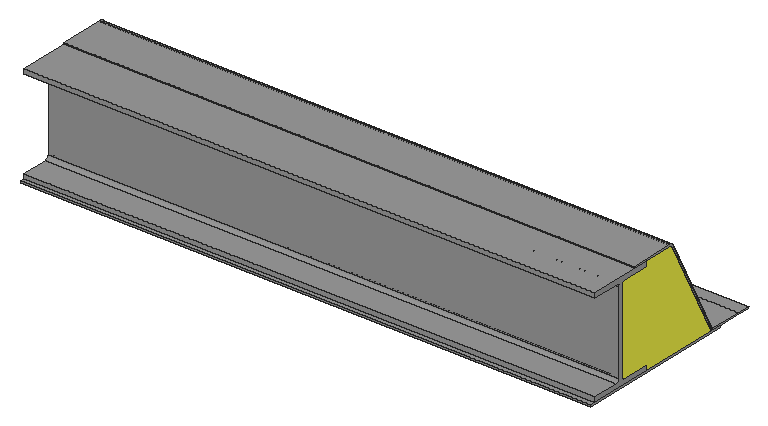
Revit family "XK 110 215 WIL", category Generic Models, Revit 2014
Parameters (values of type "Max lintel length 6600mm")
  URL = "http://www.keystonelintels.co.uk"
  Structural Opening [instance] = 900 mm
  Structural Performance = "The Keystone lintel range has safe working loads as detailed in each applicable loading table in the Keystone Lintel Guide brochure. The structural performance figures within each table have been ascertained by testing in accordance with the requirements of standards BS EN 5977-2: 1983 and BS EN 845-2: 2003."
  RIBA Productor Selector = "available for Keystone Lintels Ltd from Keystone Lintels Ltd from ribaproductselector.com"
  Model = "X/K 110 215 WIL"
  Min Length = 600 mm
  Min Clear Span = 300 mm
  Max Length = 6600 mm
  Max Clear Span = 6600 mm
  Material - Stainless Steel = "Grade 304 2b 1.4307 to BS EN 10088-2. Other grades available on request: contact manufacturer."
  Material - Galvanised Steel = "To BS EN 10346: 2009. DX51D plus Z600 or grade Z275 to BS 5977-2: 1983 (BS EN 845-2: 2003)."
  Manufacturer = "Keystone"
  Manufactured Length [instance] = (roundup(Effective Length / 150 mm) * 150 mm)  # 1200 mm
  Lintel height [instance] = 2100 mm
  Keynote = "F30/755"
  Fire Performance = "Keystone lintels have been subjected to a fire test (WARRES No. 101263) in accordance with BS 476-20: 1987, at Exova Warrington Fire and achieved a one hour fire performance."
  End Bearing = 150 mm
  Effective Length [instance] = Clear Opening with MIN MAX set + End Bearing * 2  # 1200 mm
  Corrosion = "Keystone’s standard range of lintels are manufactured from high quality grade pre-galvanized carbon steel with a zinc coating of 600"
  Contact Tel = "+44 (0)28 8676 2184"
  Contact Email = "info@keystonelintels.co.uk"
  Clear Opening with MIN MAX set [instance] = if(Structural Opening < Min Clear Span, Min Clear Span, (if(Structural Opening > Max Clear Span, Max Clear Span, Structural Opening)))  # 900 mm
  CPD Information = "Available for Keystone Lintels Ltd from ribacpd.com"
Reference planes
  plane 1 "Center (Front/Back)": y = 0
  plane 2: z = 0
  plane 3 "Center (Left/Right)": x = 0
  plane 4: x = -600
  plane 5: x = 600
  plane 6: z = 2100
  plane 7: x = -450
  plane 8: x = 450
Forms (mm)
  Extrusion 1, solid, material "Steel"
    sketch origin (0, 779.538, -506.841) x (0, 1, 0) y (0, 0, 1)
      loop
        line (-510.645, 2605.982) -> (-510.534, 2609.18) -> (-535.5, 2610.041) -> (-605.508, 2610.041)
        arc (-605.508, 2610.041) -> (-606.552, 2610.335) -> (-607.289, 2611.132) r 2
        line (-607.289, 2611.132) -> (-709.188, 2813.987)
        arc (-709.188, 2813.987) -> (-711.105, 2816.07) -> (-713.829, 2816.841) r 5.2
        line (-713.829, 2816.841) -> (-808.429, 2816.841) -> (-808.429, 2813.641) -> (-713.829, 2813.641)
        arc (-713.829, 2813.641) -> (-712.782, 2813.346) -> (-712.045, 2812.546) r 2
        line (-712.045, 2812.546) -> (-610.145, 2609.688)
        arc (-610.145, 2609.688) -> (-608.229, 2607.61) -> (-605.508, 2606.841) r 5.2
        line (-605.508, 2606.841) -> (-535.555, 2606.841) -> (-510.645, 2605.982)
    from -600 to 600
  Extrusion 2, solid, material "Steel"
    sketch origin (0, 779.538, -506.841) x (0, 1, 0) y (0, 0, 1)
      loop
        line (-913.438, 2813.641) -> (-913.438, 2804.041) -> (-857.288, 2804.041)
        arc (-857.288, 2804.041) -> (-851.914, 2801.815) -> (-849.688, 2796.441) r 7.6
        line (-849.688, 2796.441) -> (-849.688, 2624.041)
        arc (-849.688, 2624.041) -> (-851.914, 2618.667) -> (-857.288, 2616.441) r 7.6
        line (-857.288, 2616.441) -> (-913.438, 2616.441) -> (-913.438, 2606.841) -> (-779.538, 2606.841) -> (-779.538, 2616.441) -> (-835.688, 2616.441)
        arc (-835.688, 2616.441) -> (-841.062, 2618.667) -> (-843.288, 2624.041) r 7.6
        line (-843.288, 2624.041) -> (-843.288, 2796.441)
        arc (-843.288, 2796.441) -> (-841.062, 2801.815) -> (-835.688, 2804.041) r 7.6
        line (-835.688, 2804.041) -> (-779.538, 2804.041) -> (-779.538, 2813.641) -> (-913.438, 2813.641)
    from -600 to 600
  Extrusion 3, solid, material "Steel"
    sketch origin (0, 779.538, -506.841) x (0, 1, 0) y (0, 0, 1)
      loop
        line (-923.438, 2603.641) -> (-584.438, 2603.641) -> (-584.438, 2606.841) -> (-923.438, 2606.841) -> (-923.438, 2603.641)
    from -600 to 600
  Extrusion 4, solid, material "Insulation"
    sketch origin (0, 779.538, -506.841) x (0, 1, 0) y (0, 0, 1)
      loop
        arc (-605.508, 2606.841) -> (-608.229, 2607.61) -> (-610.145, 2609.688) r 5.2
        line (-610.145, 2609.688) -> (-712.045, 2812.546)
        arc (-712.045, 2812.546) -> (-712.782, 2813.346) -> (-713.829, 2813.641) r 2
        line (-713.829, 2813.641) -> (-779.538, 2813.641) -> (-779.538, 2804.041) -> (-835.688, 2804.041)
        arc (-835.688, 2804.041) -> (-841.062, 2801.815) -> (-843.288, 2796.441) r 7.6
        line (-843.288, 2796.441) -> (-843.288, 2624.041)
        arc (-843.288, 2624.041) -> (-841.062, 2618.667) -> (-835.688, 2616.441) r 7.6
        line (-835.688, 2616.441) -> (-779.538, 2616.441) -> (-779.538, 2606.841) -> (-605.508, 2606.841)
    from -600 to 600
  Extrusion 5, solid, not visible
    sketch origin (0, 931.298, 1244.335) x (0, 1, 0) y (0, 0, 1)
      loop
        line (-510.645, 1005.982) -> (-510.534, 1009.18) -> (-535.5, 1010.041) -> (-605.508, 1010.041)
        arc (-605.508, 1010.041) -> (-606.552, 1010.335) -> (-607.289, 1011.132) r 2
        line (-607.289, 1011.132) -> (-709.188, 1213.987)
        arc (-709.188, 1213.987) -> (-711.105, 1216.07) -> (-713.829, 1216.841) r 5.2
        line (-713.829, 1216.841) -> (-808.429, 1216.841) -> (-808.429, 1213.641) -> (-713.829, 1213.641)
        arc (-713.829, 1213.641) -> (-712.782, 1213.346) -> (-712.045, 1212.546) r 2
        line (-712.045, 1212.546) -> (-610.145, 1009.688)
        arc (-610.145, 1009.688) -> (-608.229, 1007.61) -> (-605.508, 1006.841) r 5.2
        line (-605.508, 1006.841) -> (-535.555, 1006.841) -> (-510.645, 1005.982)
    from 0 to 250
  Extrusion 6, solid, not visible
    sketch origin (0, 725.237, 1312.345) x (0, 1, 0) y (0, 0, 1)
      loop
        line (-913.438, 1213.641) -> (-913.438, 1204.041) -> (-857.288, 1204.041)
        arc (-857.288, 1204.041) -> (-851.914, 1201.815) -> (-849.688, 1196.441) r 7.6
        line (-849.688, 1196.441) -> (-849.688, 1024.041)
        arc (-849.688, 1024.041) -> (-851.914, 1018.667) -> (-857.288, 1016.441) r 7.6
        line (-857.288, 1016.441) -> (-913.438, 1016.441) -> (-913.438, 1006.841) -> (-779.538, 1006.841) -> (-779.538, 1016.441) -> (-835.688, 1016.441)
        arc (-835.688, 1016.441) -> (-841.062, 1018.667) -> (-843.288, 1024.041) r 7.6
        line (-843.288, 1024.041) -> (-843.288, 1196.441)
        arc (-843.288, 1196.441) -> (-841.062, 1201.815) -> (-835.688, 1204.041) r 7.6
        line (-835.688, 1204.041) -> (-779.538, 1204.041) -> (-779.538, 1213.641) -> (-913.438, 1213.641)
    from 0 to 250
  Extrusion 7, solid, not visible
    sketch origin (0, 1066.504, 1029.026) x (0, 1, 0) y (0, 0, 1)
      loop
        line (-923.438, 1003.641) -> (-584.438, 1003.641) -> (-584.438, 1006.841) -> (-923.438, 1006.841) -> (-923.438, 1003.641)
    from 0 to 250
  Extrusion 8, solid, not visible
    sketch origin (0, 547.274, 858.048) x (0, 1, 0) y (0, 0, 1)
      loop
        arc (-605.508, 1006.841) -> (-608.229, 1007.61) -> (-610.145, 1009.688) r 5.2
        line (-610.145, 1009.688) -> (-712.045, 1212.546)
        arc (-712.045, 1212.546) -> (-712.782, 1213.346) -> (-713.829, 1213.641) r 2
        line (-713.829, 1213.641) -> (-779.538, 1213.641) -> (-779.538, 1204.041) -> (-835.688, 1204.041)
        arc (-835.688, 1204.041) -> (-841.062, 1201.815) -> (-843.288, 1196.441) r 7.6
        line (-843.288, 1196.441) -> (-843.288, 1024.041)
        arc (-843.288, 1024.041) -> (-841.062, 1018.667) -> (-835.688, 1016.441) r 7.6
        line (-835.688, 1016.441) -> (-779.538, 1016.441) -> (-779.538, 1006.841) -> (-605.508, 1006.841)
    from 0 to 250
Dimensions and locks
  equal spacing: plane 4, plane 3 "Center (Left/Right)", plane 5
  "Manufactured Length": plane 4 to plane 5
  "Lintel height": plane 6 to level
  "Structural Opening": plane 7 to plane 8
  equal spacing: plane 7, plane 3 "Center (Left/Right)", plane 8
  aligned and locked: level to plane 2
  aligned and locked: Extrusion 2 to plane 6
  aligned and locked: Extrusion 4 to plane 6
  aligned and locked: Extrusion 1 to plane 6
  aligned and locked: plane 6 to Extrusion 3
  aligned and locked: plane 5 to Extrusion 2
  aligned and locked: Extrusion 2 to plane 4
  aligned and locked: plane 5 to Extrusion 1
  aligned and locked: Extrusion 1 to plane 4
  aligned and locked: plane 5 to Extrusion 4
  aligned and locked: Extrusion 4 to plane 4
  aligned and locked: plane 5 to Extrusion 3
  aligned and locked: Extrusion 3 to plane 4
Automatic sketch dimensions
  Extrusion 1 sketch curve to Extrusion 1 sketch curve = 69.953 mm
  Extrusion 1 sketch curve to Extrusion 1 sketch curve = 24.911 mm
  Extrusion 1 sketch curve to Extrusion 1 sketch curve = 0.859 mm
  Extrusion 1 sketch curve to Extrusion 1 sketch curve = 0.11 mm
  Extrusion 1 sketch curve to Extrusion 1 sketch curve = 3.198 mm
  Extrusion 1 sketch curve to Extrusion 1 sketch curve = 0.055 mm
  Extrusion 1 sketch curve to Extrusion 1 sketch curve = 3.2 mm
  Extrusion 1 sketch curve to Extrusion 1 sketch curve = 2 mm
  Extrusion 1 sketch curve to Extrusion 1 sketch curve = 4.637 mm
  Extrusion 1 sketch curve to Extrusion 1 sketch curve = 1.781 mm
  Extrusion 1 sketch curve to Extrusion 1 sketch curve = 103.68 mm
  Extrusion 1 sketch curve to Extrusion 1 sketch curve = 201.946 mm
  Extrusion 1 sketch curve to Extrusion 1 sketch curve = 2.857 mm
  Extrusion 1 sketch curve to Extrusion 1 sketch curve = 1.441 mm
  Extrusion 1 sketch curve to Extrusion 1 sketch curve = 1.784 mm
  Extrusion 1 sketch curve to Extrusion 1 sketch curve = 0.905 mm
  Extrusion 1 sketch curve to Extrusion 1 sketch curve = 94.6 mm
  Extrusion 2 sketch curve to Extrusion 2 sketch curve = 133.9 mm
  Extrusion 2 sketch curve to Extrusion 2 sketch curve = 9.6 mm  (x2)
  Extrusion 2 sketch curve to Extrusion 2 sketch curve = 56.15 mm  (x2)
  Extrusion 2 sketch curve to Extrusion 2 sketch curve = 7.6 mm  (x4)
  Extrusion 2 sketch curve to Extrusion 2 sketch curve = 14 mm
  Extrusion 2 sketch curve to Extrusion 2 sketch curve = 0 mm  (x2)
  Extrusion 2 sketch curve to Extrusion 2 sketch curve = 172.4 mm
  Extrusion 2 sketch curve to Extrusion 2 sketch curve = 63.75 mm
  Extrusion 3 sketch curve to Extrusion 3 sketch curve = 339 mm
  Extrusion 3 sketch curve to Extrusion 3 sketch curve = 3.2 mm
  Extrusion 4 sketch curve to Extrusion 4 sketch curve = 4.637 mm
  Extrusion 4 sketch curve to Extrusion 4 sketch curve = 169.393 mm
  Extrusion 4 sketch curve to Extrusion 4 sketch curve = 0 mm
  Extrusion 4 sketch curve to Extrusion 4 sketch curve = 2.353 mm
  Extrusion 4 sketch curve to Extrusion 4 sketch curve = 101.9 mm
  Extrusion 4 sketch curve to Extrusion 4 sketch curve = 202.858 mm
  Extrusion 4 sketch curve to Extrusion 4 sketch curve = 9.6 mm  (x2)
  Extrusion 4 sketch curve to Extrusion 4 sketch curve = 56.15 mm  (x2)
  Extrusion 4 sketch curve to Extrusion 4 sketch curve = 7.6 mm  (x2)
  Extrusion 4 sketch curve to Extrusion 4 sketch curve = 1.784 mm
  Extrusion 4 sketch curve to Extrusion 4 sketch curve = 0.905 mm
  Extrusion 4 sketch curve to Extrusion 4 sketch curve = 2.847 mm
  Extrusion 1 sketch curve to Extrusion 1 sketch curve = 0 mm  (x8)
  Extrusion 5 sketch curve to Extrusion 5 sketch curve = 69.953 mm
  Extrusion 5 sketch curve to Extrusion 5 sketch curve = 24.911 mm
  Extrusion 5 sketch curve to Extrusion 5 sketch curve = 0.859 mm
  Extrusion 5 sketch curve to Extrusion 5 sketch curve = 0.11 mm
  Extrusion 5 sketch curve to Extrusion 5 sketch curve = 3.198 mm
  Extrusion 5 sketch curve to Extrusion 5 sketch curve = 0.055 mm
  Extrusion 5 sketch curve to Extrusion 5 sketch curve = 3.2 mm
  Extrusion 5 sketch curve to Extrusion 5 sketch curve = 2 mm
  Extrusion 5 sketch curve to Extrusion 5 sketch curve = 4.637 mm
  Extrusion 5 sketch curve to Extrusion 5 sketch curve = 0 mm  (x8)
  Extrusion 5 sketch curve to Extrusion 5 sketch curve = 1.781 mm
  Extrusion 5 sketch curve to Extrusion 5 sketch curve = 103.68 mm
  Extrusion 5 sketch curve to Extrusion 5 sketch curve = 201.946 mm
  Extrusion 5 sketch curve to Extrusion 5 sketch curve = 2.857 mm
  Extrusion 5 sketch curve to Extrusion 5 sketch curve = 1.441 mm
  Extrusion 5 sketch curve to Extrusion 5 sketch curve = 1.784 mm
  Extrusion 5 sketch curve to Extrusion 5 sketch curve = 0.905 mm
  Extrusion 5 sketch curve to Extrusion 5 sketch curve = 94.6 mm
  Extrusion 6 sketch curve to Extrusion 6 sketch curve = 133.9 mm
  Extrusion 6 sketch curve to Extrusion 6 sketch curve = 9.6 mm  (x2)
  Extrusion 6 sketch curve to Extrusion 6 sketch curve = 56.15 mm  (x2)
  Extrusion 6 sketch curve to Extrusion 6 sketch curve = 7.6 mm  (x4)
  Extrusion 6 sketch curve to Extrusion 6 sketch curve = 14 mm
  Extrusion 6 sketch curve to Extrusion 6 sketch curve = 0 mm  (x2)
  Extrusion 6 sketch curve to Extrusion 6 sketch curve = 172.4 mm
  Extrusion 6 sketch curve to Extrusion 6 sketch curve = 63.75 mm
  Extrusion 7 sketch curve to Extrusion 7 sketch curve = 339 mm
  Extrusion 7 sketch curve to Extrusion 7 sketch curve = 3.2 mm
  Extrusion 8 sketch curve to Extrusion 8 sketch curve = 4.637 mm
  Extrusion 8 sketch curve to Extrusion 8 sketch curve = 169.393 mm
  Extrusion 8 sketch curve to Extrusion 8 sketch curve = 0 mm
  Extrusion 8 sketch curve to Extrusion 8 sketch curve = 2.353 mm
  Extrusion 8 sketch curve to Extrusion 8 sketch curve = 101.9 mm
  Extrusion 8 sketch curve to Extrusion 8 sketch curve = 202.858 mm
  Extrusion 8 sketch curve to Extrusion 8 sketch curve = 9.6 mm  (x2)
  Extrusion 8 sketch curve to Extrusion 8 sketch curve = 56.15 mm  (x2)
  Extrusion 8 sketch curve to Extrusion 8 sketch curve = 7.6 mm  (x2)
  Extrusion 8 sketch curve to Extrusion 8 sketch curve = 1.784 mm
  Extrusion 8 sketch curve to Extrusion 8 sketch curve = 0.905 mm
  Extrusion 8 sketch curve to Extrusion 8 sketch curve = 2.847 mm
  Extrusion 4 sketch curve to plane 1 "Center (Front/Back)" = 0 mm
  Extrusion 4 sketch curve to plane 6 = 0 mm
  Extrusion 2 sketch curve to plane 6 = 0 mm
  Extrusion 2 sketch curve to plane 1 "Center (Front/Back)" = 0 mm
  Extrusion 3 sketch curve to plane 6 = 0 mm
  plane 1 "Center (Front/Back)" to Extrusion 3 sketch curve = 143.9 mm
  Extrusion 1 sketch curve to plane 6 = 0 mm
  plane 1 "Center (Front/Back)" to Extrusion 1 sketch curve = 28.891 mm
